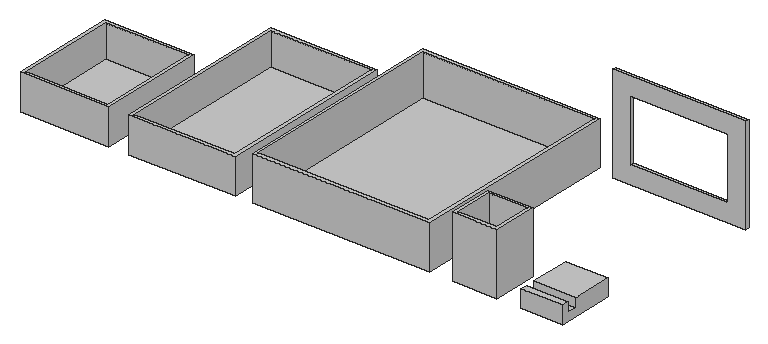
Revit family "Human_Solution-UPLIFT_Desk_Storage-STR010", category Furniture, Revit 2014
Parameters (values of type "Storage STR010")
  Width = 30.67913"
  Unit = HMS - Aluminum
  URL = "https://www.thehumansolution.com/"
  Type Comments = "Storage"  # constant formula
  Salvage or Reuse = yes
  Percentage of Recycled Content = 0
  Model = "STR010"
  Material = ""
  Manufacturer = "Human Solution"  # constant formula
  Low Emitting Material = yes
  Low Emitting Finish = yes
  Keynote = "12500"
  Height = 4.33071"
  Description = "Storage 30.5\"W 11.25\"D 4.5\"H"
  Depth = 11.94543"
  Assembly Code = "E2020200"
Reference planes (in)
  plane 1 "Center Front/Back": y = 1.9817
  plane 2: z = 0
  plane 3 "Center Left/Right": x = 0
  plane 4: x = -15.33957
  plane 5: x = 15.33957
  plane 6: z = 4.33071
  plane 7: y = -9.96373
  plane 8: y = -3.99102
Forms (in)
  Sweep 1, solid, material "HMS - Aluminum" <- "Unit"
    path origin (0, 0, 0) x (1, 0, 0) y (0, 1, 0)
      loop
        line (-15.36709, -9.96768) -> (-10.36709, -9.96768) -> (-10.36709, -3.96768) -> (-15.36709, -3.96768) -> (-15.36709, -9.96768)
    profile origin (-15.36709, -6.96768, 0) x (-1, 0, 0) y (0, 0, 1)
      loop
        line (-0.1575, 2) -> (-0.1575, 0.1575) -> (-0.39007, 0.1575) -> (-0.39007, 0) -> (0, 0) -> (0, 2) -> (-0.1575, 2)
  Extrusion 2, solid, material "HMS - Aluminum" <- "Unit"
    sketch origin (-15.36709, -9.96768, 0) x (1, 0, 0) y (0, -1, 0)
      loop
        line (4.60993, -0.39007) -> (0.39007, -0.39007) -> (0.39007, -5.60993) -> (4.60993, -5.60993) -> (4.60993, -0.39007)
    from -0.1575 to 0
  Sweep 3, solid, material "HMS - Aluminum" <- "Unit"
    path origin (6.14747, 3.99221, 0) x (1, 0, 0) y (0, 1, 0)
      loop
        line (-15.36709, -13.95595) -> (-9.36709, -13.95595) -> (-9.36709, -3.96768) -> (-15.36709, -3.96768) -> (-15.36709, -13.95595)
    profile origin (-9.21962, -4.9696, 0) x (-1, 0, 0) y (0, 0, 1)
      loop
        line (-0.1575, 2) -> (-0.1575, 0.1575) -> (-0.39007, 0.1575) -> (-0.39007, 0) -> (0, 0) -> (0, 2) -> (-0.1575, 2)
  Sweep 4, solid, material "HMS - Aluminum" <- "Unit"
    path origin (13.11709, 6, 0) x (1, 0, 0) y (0, 1, 0)
      loop
        line (-15.36709, -15.96373) -> (-5.36709, -15.96373) -> (-5.36709, -3.96768) -> (-15.36709, -3.96768) -> (-15.36709, -15.96373)
    profile origin (-2.25, -3.9657, 0) x (-1, 0, 0) y (0, 0, 1)
      loop
        line (-0.1575, 2.5) -> (-0.1575, 0.1575) -> (-0.39007, 0.1575) -> (-0.39007, 0) -> (0, 0) -> (0, 2.5) -> (-0.1575, 2.5)
  Sweep 5, solid, material "HMS - Aluminum" <- "Unit"
    path origin (24.4283, -3.49123, 0) x (1, 0, 0) y (0, 1, 0)
      loop
        line (-15.36709, -6.4725) -> (-12.86709, -6.4725) -> (-12.86709, -3.97645) -> (-15.36709, -3.97645) -> (-15.36709, -6.4725)
    profile origin (9.06121, -8.7157, 0) x (-1, 0, 0) y (0, 0, 1)
      loop
        line (-0.1575, 3.5) -> (-0.1575, 0.1575) -> (-0.39007, 0.1575) -> (-0.39007, 0) -> (0, 0) -> (0, 3.5) -> (-0.1575, 3.5)
  Extrusion 6, solid, material "HMS - Aluminum" <- "Unit"
    sketch origin (-9.21962, -9.96373, 0) x (1, 0, 0) y (0, -1, 0)
      loop
        line (0.39007, -9.5982) -> (5.60993, -9.5982) -> (5.60993, -0.39007) -> (0.39007, -0.39007) -> (0.39007, -9.5982)
    from 0 to -0.1575
  Extrusion 7, solid, material "HMS - Aluminum" <- "Unit"
    sketch origin (-2.25, -9.96373, 0) x (1, 0, 0) y (0, -1, 0)
      loop
        line (0.39007, -0.39007) -> (0.39007, -11.60599) -> (9.60993, -11.60599) -> (9.60993, -0.39007) -> (0.39007, -0.39007)
    from 0 to -0.1575
  Extrusion 8, solid, material "HMS - Aluminum" <- "Unit"
    sketch origin (9.21871, -9.80623, 3.5) x (0, 1, 0) y (-1, 0, 0)
      loop
        line (2.18106, 0) -> (0, 0) -> (0, -2.185) -> (2.18106, -2.185) -> (2.18106, 0)
    from -3.5 to -3.3425
  Sweep 9, solid, material "HMS - Aluminum" <- "Unit"
    path origin (0, 0, 0) x (1, 0, 0) y (0, 1, 0)
      loop
        line (12.92412, -8.39287) -> (15.28632, -8.39287)
    profile origin (14.10522, -8.39287, 0) x (0, 1, 0) y (0, 0, 1)
      loop
        line (-0.6998, 0.98425) -> (-0.6998, 0.48425) -> (-1.1998, 0.48425) -> (-1.1998, 0.98425) -> (-1.5748, 0.98425) -> (-1.5748, 0) -> (1.5748, 0) -> (1.5748, 0.98425) -> (-0.6998, 0.98425)
  Sweep 10, solid, material "HMS - Aluminum" <- "Unit"
    path origin (0, 0, 0) x (1, 0, 0) y (0, 1, 0)
      loop
        line (12.50365, 1.90732) -> (12.50365, 1.71736)
    profile origin (12.50365, 1.81234, 0) x (1, 0, 0) y (0, 0, 1)
      loop
        line (3.75, 5.5) -> (-3.75, 5.5) -> (-3.75, 0) -> (3.75, 0) -> (3.75, 5.5)
      loop
        line (-2.75, 4.5) -> (-2.75, 1) -> (2.75, 1) -> (2.75, 4.5) -> (-2.75, 4.5)
Cuts and joins
  joined: Sweep 1, Extrusion 2
  joined: Sweep 5, Extrusion 8
  joined: Sweep 4, Extrusion 7
  joined: Sweep 3, Extrusion 6
Lines and regions (in)
  symbolic lines
    curve 1: line (-10.36709, -9.96768, 0) -> (-10.36709, -3.96768, 0)
    curve 2: line (-10.36709, -3.96768, 0) -> (-15.36709, -3.96768, 0)
    curve 3: line (-15.36709, -3.96768, 0) -> (-15.36709, -9.96768, 0)
    curve 4: line (-15.36709, -9.96768, 0) -> (-10.36709, -9.96768, 0)
    curve 5: line (-9.21962, 0.02454, 0) -> (-9.21962, -9.96373, 0)
    curve 6: line (-9.21962, -9.96373, 0) -> (-3.21962, -9.96373, 0)
    curve 7: line (-3.21962, -9.96373, 0) -> (-3.21962, 0.02454, 0)
    curve 8: line (-3.21962, 0.02454, 0) -> (-9.21962, 0.02454, 0)
    curve 9: line (-2.25, 2.03232, 0) -> (-2.25, -9.96373, 0)
    curve 10: line (-2.25, -9.96373, 0) -> (7.75, -9.96373, 0)
    curve 11: line (7.75, -9.96373, 0) -> (7.75, 2.03232, 0)
    curve 12: line (7.75, 2.03232, 0) -> (-2.25, 2.03232, 0)
    curve 13: line (11.56121, -7.46768, 0) -> (9.06121, -7.46768, 0)
    curve 14: line (9.06121, -7.46768, 0) -> (9.06121, -9.96373, 0)
    curve 15: line (9.06121, -9.96373, 0) -> (11.56121, -9.96373, 0)
    curve 16: line (11.56121, -9.96373, 0) -> (11.56121, -7.46768, 0)
    curve 17: line (15.28632, -6.81807, 0) -> (12.92412, -6.81807, 0)
    curve 18: line (12.92412, -9.96768, 0) -> (12.92412, -6.81807, 0)
    curve 19: line (15.28632, -9.96768, 0) -> (15.28632, -6.81807, 0)
    curve 20: line (12.92412, -9.96768, 0) -> (15.28632, -9.96768, 0)
    curve 21: line (8.75365, 1.71736, 0) -> (16.25365, 1.71736, 0)
    curve 22: line (16.25365, 1.71736, 0) -> (16.25365, 1.90732, 0)
    curve 23: line (16.25365, 1.90732, 0) -> (8.75365, 1.90732, 0)
    curve 24: line (8.75365, 1.90732, 0) -> (8.75365, 1.71736, 0)
Dimensions and locks (in)
  "Width": plane 4 to plane 5
  "Height": plane 6 to plane 2
  "Depth": plane 7 to plane 1 "Center Front/Back"
  equal spacing: plane 4, plane 3 "Center Left/Right", plane 5
  equal spacing: plane 7, plane 8, plane 1 "Center Front/Back"
  locked: Sweep 9 sketch curve to plane 7 at 1.57086
  aligned and locked: level to plane 2
  aligned and locked: Extrusion 2 sketch curve to Sweep 1  (x3)
  aligned and locked: Sweep 1 to Extrusion 2  (x2)
  aligned and locked: Extrusion 6 sketch curve to Sweep 3  (x4)
  aligned and locked: cut or joined group of Sweep 1, Extrusion 2 to Extrusion 6
  aligned and locked: Sweep 3 to Extrusion 6
  aligned and locked: Extrusion 7 sketch curve to Sweep 4  (x4)
  aligned and locked: cut or joined group of Sweep 1, Extrusion 2 to Extrusion 7  (x2)
  aligned and locked: Extrusion 8 sketch curve to Sweep 5  (x4)
  aligned and locked: Extrusion 8 to Sweep 3
  aligned and locked: Sweep 4 to Extrusion 8
  aligned and locked: curve 1 to cut or joined group of Sweep 1, Extrusion 2
  aligned and locked: curve 2 to cut or joined group of Sweep 1, Extrusion 2
  aligned and locked: curve 3 to cut or joined group of Sweep 1, Extrusion 2
  aligned and locked: curve 4 to cut or joined group of Sweep 1, Extrusion 2
  aligned and locked: curve 5 to cut or joined group of Sweep 3, Extrusion 6
  aligned and locked: curve 6 to cut or joined group of Sweep 3, Extrusion 6
  aligned and locked: curve 7 to cut or joined group of Sweep 3, Extrusion 6
  aligned and locked: curve 8 to cut or joined group of Sweep 3, Extrusion 6
  aligned and locked: curve 9 to cut or joined group of Sweep 4, Extrusion 7
  aligned and locked: curve 10 to cut or joined group of Sweep 4, Extrusion 7
  aligned and locked: curve 11 to cut or joined group of Sweep 4, Extrusion 7
  aligned and locked: curve 12 to cut or joined group of Sweep 4, Extrusion 7
  aligned and locked: curve 13 to cut or joined group of Sweep 5, Extrusion 8
  aligned and locked: curve 14 to cut or joined group of Sweep 5, Extrusion 8
  aligned and locked: curve 15 to cut or joined group of Sweep 5, Extrusion 8
  aligned and locked: curve 16 to cut or joined group of Sweep 5, Extrusion 8
  aligned and locked: curve 17 to Sweep 9
  aligned and locked: curve 18 to Sweep 9
  aligned and locked: curve 19 to Sweep 9
  aligned and locked: curve 20 to Sweep 9
  aligned and locked: curve 21 to Sweep 10
  aligned and locked: curve 22 to Sweep 10
  aligned and locked: curve 23 to Sweep 10
  aligned and locked: curve 24 to Sweep 10
Automatic sketch dimensions
  Sweep 1 sketch curve to plane 4 = 0.02753"
  Sweep 1 sketch curve to plane 7 = 0.00394"
  plane 4 to Sweep 1 sketch curve = 4.97247"
  plane 8 to Sweep 1 sketch curve = 0.02334"
  Sweep 1 sketch curve to level = 0"
  Sweep 1 sketch curve to profile plane = 0"
  Sweep 1 sketch curve to Sweep 1 sketch curve = 0.1575"  (x2)
  Sweep 1 sketch curve to Sweep 1 sketch curve = 0.23257"
  Sweep 1 sketch curve to Sweep 1 sketch curve = 1.8425"
  Extrusion 2 sketch curve to Sweep 1 = 0"
  Sweep 3 sketch curve to plane 7 = 0"
  plane 1 "Center Front/Back" to Sweep 3 sketch curve = 1.95716"
  plane 4 to Sweep 3 sketch curve = 6.11994"
  Sweep 3 sketch curve to plane 3 "Center Left/Right" = 3.21962"
  Sweep 3 sketch curve to level = 0"
  Sweep 3 sketch curve to profile plane = 0"
  Sweep 3 sketch curve to Sweep 3 sketch curve = 0.1575"  (x2)
  Sweep 3 sketch curve to Sweep 3 sketch curve = 0.23257"
  Sweep 3 sketch curve to Sweep 3 sketch curve = 1.8425"
  Sweep 4 sketch curve to plane 7 = 0"
  Sweep 4 sketch curve to plane 1 "Center Front/Back" = 0.05062"
  Sweep 4 sketch curve to plane 3 "Center Left/Right" = 2 1/4"
  Sweep 4 sketch curve to plane 5 = 7.58957"
  plane 7 to Sweep 5 sketch curve = 2.49606"
  Sweep 5 sketch curve to plane 5 = 6.27836"
  Sweep 5 sketch curve to plane 7 = 0"
  Sweep 5 sketch curve to Sweep 5 sketch curve = 2 1/2"
  Sweep 5 sketch curve to level = 0"
  Sweep 5 sketch curve to profile plane = 0"
  Sweep 5 sketch curve to Sweep 5 sketch curve = 0.1575"
  Sweep 5 sketch curve to Sweep 5 sketch curve = 0.23257"
  level to Sweep 5 sketch curve = 0.1575"
  Sweep 5 sketch curve to Sweep 5 sketch curve = 3.3425"
  Sweep 4 sketch curve to level = 0"
  Sweep 4 sketch curve to profile plane = 0"
  Sweep 4 sketch curve to Sweep 4 sketch curve = 0.1575"  (x2)
  Sweep 4 sketch curve to Sweep 4 sketch curve = 0.23257"
  Sweep 4 sketch curve to Sweep 4 sketch curve = 2.3425"
  Sweep 9 sketch curve to plane 5 = 2.41545"
  Sweep 9 sketch curve to plane 5 = 0.05325"
  Sweep 9 sketch curve to level = 0"
  profile plane to Sweep 9 sketch curve = 1.5748"
  Sweep 9 sketch curve to Sweep 9 sketch curve = 3/8"
  Sweep 9 sketch curve to Sweep 9 sketch curve = 1/2"  (x2)
  Sweep 9 sketch curve to profile plane = 1.5748"
  level to Sweep 9 sketch curve = 0.48425"
  level to Sweep 9 sketch curve = 0.98425"
  plane 1 "Center Front/Back" to Sweep 10 sketch curve = 0.26434"
  Sweep 10 sketch curve to plane 5 = 2 107/128"
  plane 1 "Center Front/Back" to Sweep 10 sketch curve = 0.07438"
  Sweep 10 sketch curve to level = 0"
  profile plane to Sweep 10 sketch curve = 3 3/4"
  Sweep 10 sketch curve to profile plane = 3 3/4"
  level to Sweep 10 sketch curve = 5 1/2"
  Sweep 10 sketch curve to Sweep 10 sketch curve = 1"  (x3)
  level to Sweep 10 sketch curve = 1"
